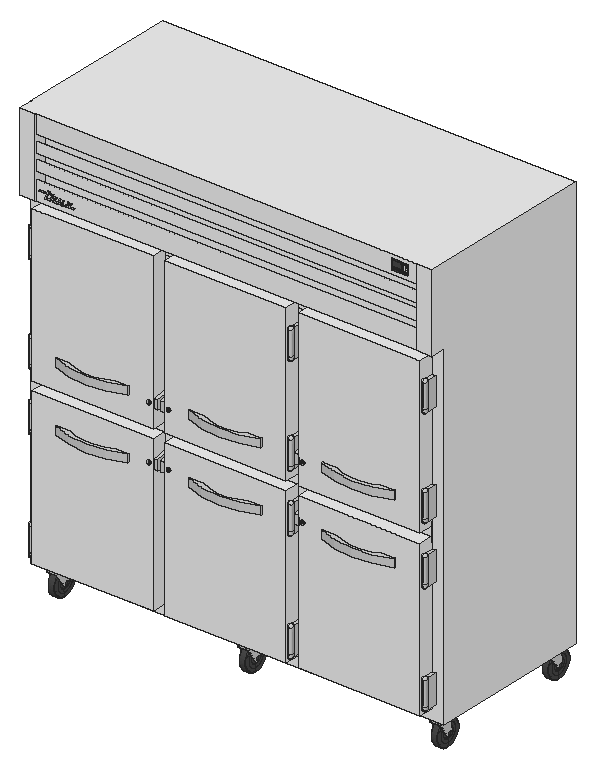
Revit family (continued)
Automatic sketch dimensions
  Extrusion 75 sketch curve to Extrusion 75 sketch curve = 0.27385"
  Extrusion 76 sketch curve to plane 7 = 0.63926"  (x2)
  Extrusion 76 sketch curve to plane 5 "FRONT" = 3.79864"
  Extrusion 76 sketch curve to Extrusion 76 sketch curve = 1/4"  (x2)
  level to Extrusion 76 sketch curve = 2.18736"  (x2)
  Extrusion 76 sketch curve to Extrusion 76 sketch curve = 1.7492"
  Extrusion 76 sketch curve to Extrusion 76 sketch curve = 0.50669"  (x2)
  Extrusion 76 sketch curve to Extrusion 76 sketch curve = 2 1/2"
  level to Extrusion 76 sketch curve = 2.59003"
  Extrusion 76 sketch curve to Extrusion 76 sketch curve = 0.59966"  (x2)
  plane 1 "BACK" to Extrusion 76 sketch curve = 3.8577"
  plane 1 "BACK" to Extrusion 76 sketch curve = 1.8585"
  plane 1 "BACK" to Extrusion 76 sketch curve = 1.1077"
  Extrusion 76 sketch curve to Extrusion 76 sketch curve = 0.32905"
  Extrusion 76 sketch curve to Extrusion 76 sketch curve = 0.60485"  (x2)
  Extrusion 77 sketch curve to plane 7 = 0.63926"  (x2)
  Extrusion 77 sketch curve to plane 5 "FRONT" = 3.79864"
  Extrusion 77 sketch curve to Extrusion 77 sketch curve = 1/4"  (x2)
  level to Extrusion 77 sketch curve = 2.18736"  (x2)
  Extrusion 77 sketch curve to Extrusion 77 sketch curve = 1.7492"
  Extrusion 77 sketch curve to Extrusion 77 sketch curve = 0.50669"  (x2)
  Extrusion 77 sketch curve to Extrusion 77 sketch curve = 2 1/2"
  level to Extrusion 77 sketch curve = 2.59003"
  Extrusion 77 sketch curve to Extrusion 77 sketch curve = 0.59966"  (x2)
  plane 1 "BACK" to Extrusion 77 sketch curve = 3.8577"
  plane 1 "BACK" to Extrusion 77 sketch curve = 1.8585"
  plane 1 "BACK" to Extrusion 77 sketch curve = 1.1077"
  Extrusion 77 sketch curve to Extrusion 77 sketch curve = 0.32905"
  Extrusion 77 sketch curve to Extrusion 77 sketch curve = 0.60485"  (x2)
  Revolve 78 sketch curve to level = 0"
  Revolve 78 sketch curve to plane 9 = 0"  (x2)
  Revolve 78 sketch curve to Revolve 78 sketch curve = 1/2"
  Revolve 78 sketch curve to Revolve 78 sketch curve = 1/4"
  Revolve 78 sketch curve to plane 7 = 0"
  Revolve 78 sketch curve to Revolve 78 sketch curve = 1.33338"
  level to Revolve 78 sketch curve = 1"
  Revolve 78 sketch curve to Revolve 78 sketch curve = 5/8"
  plane 7 to Revolve 78 sketch curve = 1 25/32"
  Revolve 79 sketch curve to plane 9 = 0"  (x2)
  Revolve 79 sketch curve to plane 7 = 0.62954"
  Revolve 79 sketch curve to Revolve 79 sketch curve = 1.29707"
  Revolve 79 sketch curve to Revolve 79 sketch curve = 0.10278"
  Revolve 79 sketch curve to plane 7 = 0.00141"
  plane 7 to Revolve 79 sketch curve = 0.26768"
  Extrusion 80 sketch curve to plane 7 = 0.63926"  (x2)
  Extrusion 80 sketch curve to plane 5 "FRONT" = 3.79864"
  Extrusion 80 sketch curve to Extrusion 80 sketch curve = 1/4"  (x2)
  Extrusion 80 sketch curve to Extrusion 80 sketch curve = 2 1/2"
  Extrusion 80 sketch curve to plane 7 = 0.93273"  (x2)
  Extrusion 80 sketch curve to Extrusion 80 sketch curve = 0.03603"
  plane 1 "BACK" to Extrusion 80 sketch curve = 3.8577"
  Extrusion 80 sketch curve to plane 7 = 1.24411"
  plane 1 "BACK" to Extrusion 80 sketch curve = 1.1077"
  Revolve 81 sketch curve to plane 9 = 1.50773"
  Revolve 81 sketch curve to Revolve 81 sketch curve = 0.48273"
  Revolve 81 sketch curve to plane 9 = 5/8"  (x2)
  Revolve 81 sketch curve to Revolve 81 sketch curve = 0.1"  (x2)
  Revolve 81 sketch curve to Revolve 81 sketch curve = 0.16101"
  plane 9 to Revolve 81 sketch curve = 0.12908"
  plane 9 to Revolve 81 sketch curve = 0.46399"
  plane 9 to Revolve 81 sketch curve = 0.525"
  Revolve 81 sketch curve to Revolve 81 sketch curve = 1/2"
  Revolve 81 sketch curve to Revolve 81 sketch curve = 0.16509"
  Revolve 81 sketch curve to Revolve 81 sketch curve = 0.39592"
  level to Revolve 81 sketch curve = 2 1/2"
  Revolve 81 sketch curve to Revolve 81 sketch curve = 0"
  Revolve 81 sketch curve to Revolve 81 sketch curve = 0.29941"  (x2)
  Revolve 81 sketch curve to Revolve 81 sketch curve = 3/4"  (x4)
  Revolve 81 sketch curve to Revolve 81 sketch curve = 0.59652"
  Revolve 81 sketch curve to Revolve 81 sketch curve = 0.60059"
  Extrusion 82 sketch curve to plane 9 = 0"
  plane 1 "BACK" to Extrusion 82 sketch curve = 2.69102"
  Revolve 83 sketch curve to plane 9 = 1.50773"
  Revolve 83 sketch curve to Revolve 83 sketch curve = 0.48273"
  Revolve 83 sketch curve to plane 9 = 5/8"  (x2)
  Revolve 83 sketch curve to Revolve 83 sketch curve = 0.1"  (x2)
  Revolve 83 sketch curve to Revolve 83 sketch curve = 0.16101"
  plane 9 to Revolve 83 sketch curve = 0.12908"
  plane 9 to Revolve 83 sketch curve = 0.46399"
  plane 9 to Revolve 83 sketch curve = 0.525"
  Revolve 83 sketch curve to Revolve 83 sketch curve = 1/2"
  Revolve 83 sketch curve to Revolve 83 sketch curve = 0.16509"
  Revolve 83 sketch curve to Revolve 83 sketch curve = 0.39592"
  level to Revolve 83 sketch curve = 2 1/2"
  Revolve 83 sketch curve to Revolve 83 sketch curve = 0"
  Revolve 83 sketch curve to Revolve 83 sketch curve = 0.29941"  (x2)
  Revolve 83 sketch curve to Revolve 83 sketch curve = 3/4"  (x4)
  Revolve 83 sketch curve to Revolve 83 sketch curve = 0.59652"
  Revolve 83 sketch curve to Revolve 83 sketch curve = 0.60059"
  Revolve 84 sketch curve to plane 9 = 0"  (x2)
  Revolve 84 sketch curve to plane 7 = 0.62954"
  Revolve 84 sketch curve to Revolve 84 sketch curve = 1.29707"
  Revolve 84 sketch curve to Revolve 84 sketch curve = 0.10278"
  Revolve 84 sketch curve to plane 7 = 0.00141"
  plane 7 to Revolve 84 sketch curve = 0.26768"
  Revolve 85 sketch curve to level = 0"
  Revolve 85 sketch curve to plane 9 = 0"  (x2)
  Revolve 85 sketch curve to Revolve 85 sketch curve = 1/2"
  Revolve 85 sketch curve to Revolve 85 sketch curve = 1/4"
  Revolve 85 sketch curve to plane 7 = 0"
  Revolve 85 sketch curve to Revolve 85 sketch curve = 1.33338"
  level to Revolve 85 sketch curve = 1"
  Revolve 85 sketch curve to Revolve 85 sketch curve = 5/8"
  plane 7 to Revolve 85 sketch curve = 1 25/32"
  Extrusion 86 sketch curve to plane 9 = 0"
  Extrusion 86 sketch curve to plane 5 "FRONT" = 5.09023"
  plane 5 "FRONT" to Extrusion 87 sketch curve = 0"  (x2)
  Extrusion 87 sketch curve to plane 9 = 6.8"
  Extrusion 87 sketch curve to Extrusion 87 sketch curve = 2.4"  (x2)
  Extrusion 87 sketch curve to plane 9 = 0"  (x2)
  plane 5 "FRONT" to Extrusion 87 sketch curve = 0.2"
  Extrusion 87 sketch curve to plane 5 "FRONT" = 7.77899"
  Extrusion 87 sketch curve to Extrusion 87 sketch curve = 7.30945"
  plane 5 "FRONT" to Extrusion 88 sketch curve = 0"  (x2)
  plane 9 to Extrusion 88 sketch curve = 18.325"
  Extrusion 88 sketch curve to Extrusion 88 sketch curve = 2.4"  (x2)
  Extrusion 88 sketch curve to Extrusion 88 sketch curve = 4.4"
  Extrusion 88 sketch curve to Extrusion 88 sketch curve = 0"
  plane 5 "FRONT" to Extrusion 88 sketch curve = 0.2"
  Extrusion 88 sketch curve to plane 5 "FRONT" = 7.77899"
  Extrusion 88 sketch curve to Extrusion 88 sketch curve = 7.30945"
  Extrusion 89 sketch curve to plane 9 = 14 121/256"
  Extrusion 89 sketch curve to Extrusion 89 sketch curve = 9/256"
  Extrusion 89 sketch curve to Extrusion 89 sketch curve = 0.0555"  (x2)
  Extrusion 89 sketch curve to Extrusion 89 sketch curve = 3.58431"
  Extrusion 89 sketch curve to Extrusion 89 sketch curve = 0.02035"
  plane 7 to Extrusion 89 sketch curve = 26.53619"
  Extrusion 89 sketch curve to Extrusion 89 sketch curve = 0"
  Extrusion 89 sketch curve to Extrusion 89 sketch curve = 0.27385"  (x2)
  Extrusion 89 sketch curve to Extrusion 89 sketch curve = 0.29355"  (x2)
  Blend 90 sketch curve to plane 9 = 13 21/32"  (x2)
  Blend 90 sketch curve to Blend 90 sketch curve = 3/4"
  plane 7 to Blend 90 sketch curve = 25.88085"
  Blend 90 sketch curve to Blend 90 sketch curve = 1 3/4"
  Blend 90 sketch curve to Blend 90 sketch curve = 0.93223"
  plane 7 to Blend 90 sketch curve = 25.44611"
  Blend 90 sketch curve to Blend 90 sketch curve = 2.78233"
  Blend 91 sketch curve to plane 9 = 11 5/8"  (x2)
  Blend 91 sketch curve to Blend 91 sketch curve = 3/4"
  plane 7 to Blend 91 sketch curve = 27.63085"
  Blend 91 sketch curve to Blend 91 sketch curve = 1 3/4"
  Blend 91 sketch curve to Blend 91 sketch curve = 0.93223"
  plane 7 to Blend 91 sketch curve = 28.22845"
  Blend 91 sketch curve to Blend 91 sketch curve = 2.78233"
  plane 9 to Extrusion 92 sketch curve = 14.4484"
  Extrusion 92 sketch curve to Extrusion 92 sketch curve = 0.02035"
  Extrusion 92 sketch curve to Extrusion 92 sketch curve = 0.0555"
  plane 7 to Extrusion 92 sketch curve = 26.53619"
  Extrusion 92 sketch curve to Extrusion 92 sketch curve = 0.27385"
  Extrusion 92 sketch curve to Extrusion 92 sketch curve = 0.29355"
  plane 5 "FRONT" to Extrusion 93 sketch curve = 0"  (x2)
  plane 3 "LEFT" to Extrusion 93 sketch curve = 6.95"
  Extrusion 93 sketch curve to Extrusion 93 sketch curve = 2.4"  (x2)
  Extrusion 93 sketch curve to Extrusion 93 sketch curve = 4.4"
  Extrusion 93 sketch curve to Extrusion 93 sketch curve = 0"
  plane 5 "FRONT" to Extrusion 93 sketch curve = 0.2"
  Extrusion 93 sketch curve to plane 5 "FRONT" = 7.77899"
  Extrusion 93 sketch curve to Extrusion 93 sketch curve = 7.30945"
  plane 5 "FRONT" to Extrusion 94 sketch curve = 0"  (x2)
  Extrusion 94 sketch curve to plane 9 = 6.8"
  Extrusion 94 sketch curve to Extrusion 94 sketch curve = 2.4"  (x2)
  Extrusion 94 sketch curve to plane 9 = 0"  (x2)
  plane 5 "FRONT" to Extrusion 94 sketch curve = 0.2"
  Extrusion 94 sketch curve to plane 5 "FRONT" = 7.77899"
  Extrusion 94 sketch curve to Extrusion 94 sketch curve = 7.30945"
  plane 5 "FRONT" to Extrusion 95 sketch curve = 0"  (x2)
  plane 9 to Extrusion 95 sketch curve = 18.325"
  Extrusion 95 sketch curve to Extrusion 95 sketch curve = 2.4"  (x2)
  Extrusion 95 sketch curve to Extrusion 95 sketch curve = 4.4"
  Extrusion 95 sketch curve to Extrusion 95 sketch curve = 0"
  plane 5 "FRONT" to Extrusion 95 sketch curve = 0.2"
  Extrusion 95 sketch curve to plane 5 "FRONT" = 7.77899"
  Extrusion 95 sketch curve to Extrusion 95 sketch curve = 7.30945"
  plane 5 "FRONT" to Extrusion 96 sketch curve = 0"  (x3)
  Extrusion 96 sketch curve to plane 4 "RIGHT" = 2 1/4"
  plane 9 to Extrusion 96 sketch curve = 13 21/32"
  plane 9 to Extrusion 96 sketch curve = 11 11/32"
  Extrusion 96 sketch curve to plane 9 = 11 5/8"
  Extrusion 96 sketch curve to Extrusion 96 sketch curve = 2 1/32"
  plane 3 "LEFT" to Extrusion 96 sketch curve = 2 1/4"
  plane 9 to Blend 97 sketch curve = 13 21/32"
  Blend 97 sketch curve to Blend 97 sketch curve = 3/4"
  plane 7 to Blend 97 sketch curve = 37.86669"
  Blend 97 sketch curve to Blend 97 sketch curve = 1 3/4"
  Blend 97 sketch curve to plane 9 = 13 21/32"
  Blend 97 sketch curve to Blend 97 sketch curve = 0.93223"
  Blend 97 sketch curve to plane 7 = 35.5191"
  Blend 97 sketch curve to Blend 97 sketch curve = 2.78233"
  plane 9 to Blend 98 sketch curve = 13 21/32"  (x2)
  Blend 98 sketch curve to Blend 98 sketch curve = 3/4"
  plane 7 to Blend 98 sketch curve = 27.63085"
  Blend 98 sketch curve to Blend 98 sketch curve = 1 3/4"
  Blend 98 sketch curve to Blend 98 sketch curve = 0.93223"
  plane 7 to Blend 98 sketch curve = 28.22845"
  Blend 98 sketch curve to Blend 98 sketch curve = 2.78233"
  Extrusion 1 to Extrusion 99 sketch curve = 1"
  Extrusion 99 sketch curve to Extrusion 99 sketch curve = 3 3/4"
  Extrusion 1 to Extrusion 99 sketch curve = 30"
  Extrusion 99 sketch curve to Extrusion 1 = 0"
  Extrusion 21 sketch curve to plane 9 = 13 21/32"
  radius of Extrusion 6 sketch curve = 1/4"
  radius of Extrusion 19 sketch curve = 1 1/2"
  radius of Extrusion 20 sketch curve = 1 1/2"
  radius of Extrusion 55 sketch curve = 1 1/2"
  radius of Extrusion 56 sketch curve = 1 1/2"
  radius of Extrusion 70 sketch curve = 0.35"  (x2)
  radius of Extrusion 75 sketch curve = 0.35"
  radius of Extrusion 82 sketch curve = 1 1/2"
  radius of Extrusion 86 sketch curve = 1 1/2"
  radius of Extrusion 89 sketch curve = 0.35"  (x2)
  radius of Extrusion 92 sketch curve = 0.35"
Connectors (in)
  electrical at (74.65625, -0.0625, 82), driven by "Volts", driven by "Watts"
    settings: on Extrusion 6, index 1, voltage 115 V, apparent load 1046.5 VA, apparent load phase1 0 VA, apparent load phase2 0 VA, apparent load phase3 0 VA, power factor 1, load classification "Other", number of poles 1, system type 30, power factor state 1, is connector primary yes, connector utility no, sub classification motor no, connector description "Electrical Connection"
